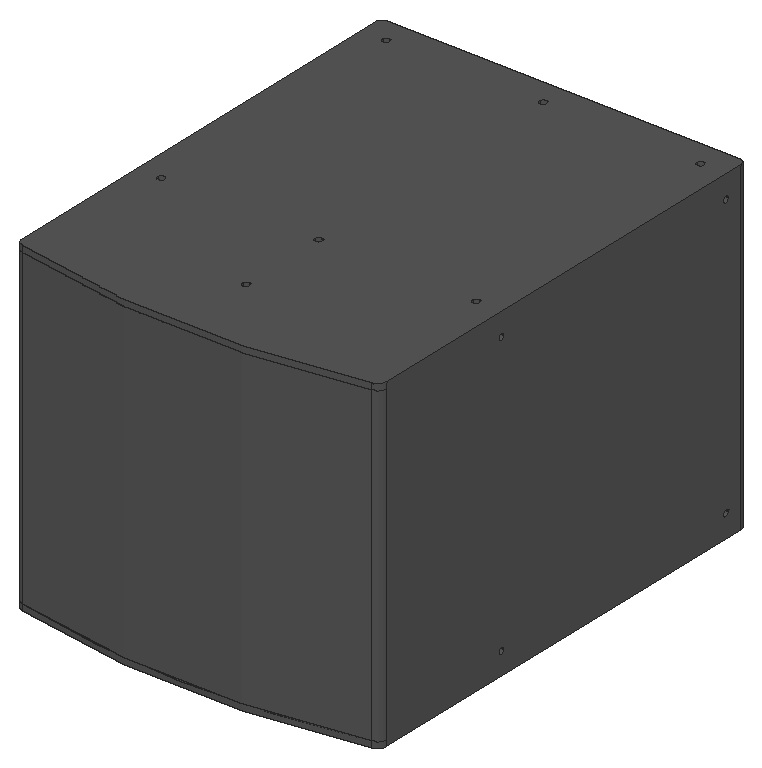
Revit family "1Electronics_Community_Biamp_Subwoofer_IS6-118", category Communication Devices, host Face, Revit 2020
Family settings
  Host = Face
  Maintain Annotation Orientation = No
  Round Connector Dimension = Use Diameter
  Part Type = Normal
  OmniClass Number = 23.85.10.11.14.14.14
  OmniClass Title = Loudspeakers
  Cut with Voids When Loaded = No
  Shared = No
  Room Calculation Point = No
Parameters (values of type "IS6-118 B")
  Width = 22.10156"  # constant formula
  Weight = 97.00 lbf  # constant formula
  URL = "https://www.biamp.com/"
  Transducers = "1 x 18 (457mm) double-treated cone with 4 (102mm) inner/outer wound voice coil, ferrite construction"  # constant formula
  Shipping Weight = 111.00 lbf  # constant formula
  Recommended Amplifiers = "Single Amp - 700W - 1400W @ 8 ohms,  (75V - 106V)"  # constant formula
  Product data url = "https://bimobject.com/biamp/product/is6-118_community-subwoofer"
  Product Page URL = "https://www.biamp.com/products/product-families/community/community-subwoofers#is6-118"
  Product Documentation Link = "https://downloads.biamp.com/assets/docs/default-source/data-sheets/biamp_data_sheet_community_is6-118.pdf"
  Operating Range = "32 Hz to 145 Hz  "  # constant formula
  Operating Mode = "Single Amp"  # constant formula
  Operating Environment = "Indoor"  # constant formula
  Nominal Sensitivity = "Half Space - 1W: 104 dB - 2.83V: 104 dB; Whole Space - 1W: 98 dB - 2.83V: 98 dB"  # constant formula
  Nominal Maximum SPL = "Half Space - Peak: 138 dB - Continuous: 132 dB; Whole Space - Peak: 132 dB - Continuous: 126 dB"  # constant formula
  Mounting Points = "(24) M10 threaded rigging points"  # constant formula
  Model = "IS6-118 B"
  Manufacturer = "Biamp"  # constant formula
  Input Connection = "Screw terminal blocks (4-position)"  # constant formula
  Housing Material = Biamp - Plastic - Black
  Height = 19.80078"  # constant formula
  Grill Material = Biamp - Plastic - Black(Grid)
  Equalized Sensitivity = "Half Space - 1W: 99 dB - 2.83V: 99 dB; Whole Space - 1W: 93 dB - 2.83V: 93 dB"  # constant formula
  Equalized Maximum SPL = "Half Space - Peak: 133 dB - Continuous: 127 dB; Whole Space - Peak: 127 dB - Continuous: 121 dB"  # constant formula
  Environmental = "Outdoor: IP55W per IEC 60529 , MIL-STD-810G"  # constant formula
  Description = "IS6-118 Medium Power Single 18-Inch Subwoofer"  # constant formula
  Depth = 28.89062"  # constant formula
  Default Elevation = 48.00"
  Continuous Power Handling  Nominal Impedance = "Single Amp - 75V, 700W @ 8 ohms (2800W peak)"  # constant formula
Types (3): name | Model | Housing Material | Grill Material
  (no name) | "IS6-118 B" | Biamp - Plastic - Black | Biamp - Plastic - Black(Grid)
  IS6-118 B | "IS6-118 B" | Biamp - Plastic - Black | Biamp - Plastic - Black(Grid)
  IS6-118 W | "IS6-118 W" | Biamp - Plastic - White | Biamp - Plastic - White(Grid)
Reference planes (in)
  plane 1 "Center (Front/Back)": y = 0
  plane 2: z = 0
  plane 3 "Center (Left/Right)": x = 0
  plane 4: y = 14.44531
  plane 5: y = -14.44531
  plane 6: x = -11.05078
  plane 7: x = 11.05078
  plane 8: z = 19.80078
  plane 9: z = 9.90039
Forms (in)
  Extrusion 1, solid, material "Biamp - Plastic - Black" <- "Housing Material", detail levels medium+fine
    sketch origin (0, 0, 0) x (1, 0, 0) y (0, 1, 0)
      loop
        arc (-10.67578, 14.44531) -> (-10.94095, 14.33548) -> (-11.05078, 14.07031) r 0.375
        line (-11.05078, 14.07031) -> (-11.05078, -12.72556)
        arc (-11.05078, -12.72556) -> (-10.91137, -13.08374) -> (-10.58284, -13.28323) r 0.59837
        arc (-10.58284, -13.28323) -> (0, -14.44531) -> (10.58284, -13.28323) r 48.76885
        arc (10.58284, -13.28323) -> (10.91137, -13.08374) -> (11.05078, -12.72556) r 0.59837
        line (11.05078, -12.72556) -> (11.05078, 14.07031)
        arc (11.05078, 14.07031) -> (10.94095, 14.33548) -> (10.67578, 14.44531) r 0.375
        line (10.67578, 14.44531) -> (-10.67578, 14.44531)
    from 0 to 19.80078
  Extrusion 2, void
    sketch origin (0, 0, 0) x (1, 0, 0) y (0, 1, 0)
      loop
        circle (-9.53078, 12.92531) r 0.21654
      loop
        circle (0, 12.92531) r 0.21654
      loop
        circle (9.53078, 12.92531) r 0.21654
      loop
        circle (-9.53078, -4.08469) r 0.21654
      loop
        circle (0, -4.08469) r 0.21654
      loop
        circle (9.53078, -4.08469) r 0.21654
      loop
        circle (0, -9.60469) r 0.21654
    from 19.42578 to 19.80078
  Extrusion 3, void
    sketch origin (0, 0, 0) x (0, 1, 0) y (0, 0, 1)
      loop
        circle (12.92531, 1.38) r 0.21654
      loop
        circle (12.92531, 18.42) r 0.21654
      loop
        circle (-4.08469, 1.38) r 0.21654
      loop
        circle (-4.08469, 18.42) r 0.21654
    from 10.67578 to 11.05078
  Extrusion 4, void
    sketch origin (0, 0, 0) x (1, 0, 0) y (0, 0, 1)
      loop
        circle (0, 18.42078) r 0.21654
      loop
        circle (0, 1.38) r 0.21654
      loop
        line (2.005, 13.43039) -> (-2.005, 13.43039)
        arc (-2.005, 13.43039) -> (-2.09339, 13.39378) -> (-2.13, 13.30539) r 0.125
        line (-2.13, 13.30539) -> (-2.13, 6.49539)
        arc (-2.13, 6.49539) -> (-2.09339, 6.407) -> (-2.005, 6.37039) r 0.125
        line (-2.005, 6.37039) -> (2.005, 6.37039)
        arc (2.005, 6.37039) -> (2.09339, 6.407) -> (2.13, 6.49539) r 0.125
        line (2.13, 6.49539) -> (2.13, 13.30539)
        arc (2.13, 13.30539) -> (2.09339, 13.39378) -> (2.005, 13.43039) r 0.125
    from -14.44531 to -14.07031
  Extrusion 5, solid, material "Biamp - Plastic - Black(Grid)" <- "Grill Material", detail levels medium+fine
    sketch origin (0, 0, 0) x (1, 0, 0) y (0, 1, 0)
      loop
        arc (-11.05078, -12.72556) -> (-10.91137, -13.08374) -> (-10.58284, -13.28323) r 0.59837
        arc (-10.58284, -13.28323) -> (0, -14.44531) -> (10.58284, -13.28323) r 48.76885
        arc (10.58284, -13.28323) -> (10.91137, -13.08374) -> (11.05078, -12.72556) r 0.59837
        line (11.05078, -12.72556) -> (-11.05078, -12.72556)
    from 0.375 to 19.42578
  Extrusion 6, solid, material "Biamp - Plastic - Black" <- "Housing Material", detail levels medium+fine
    sketch origin (0, 0, 0) x (1, 0, 0) y (0, 0, 1)
      loop
        line (-0.5, 12.43039) -> (-0.5, 12.18039) -> (0.5, 12.18039) -> (0.5, 12.43039) -> (-0.5, 12.43039)
      loop
        line (-0.5, 11.43039) -> (-0.5, 11.18039) -> (0.5, 11.18039) -> (0.5, 11.43039) -> (-0.5, 11.43039)
    from -14.25781 to -14.07031
  Extrusion 7, void
    sketch origin (0, 0, 0) x (0, 1, 0) y (0, 0, 1)
      loop
        line (-14.44531, 19.42578) -> (-14.44531, 0.375) -> (-12.72556, 0.375) -> (-12.72556, 19.42578) -> (-14.44531, 19.42578)
    from -11.05078 to 11.05078
  Extrusion 8, void
    sketch origin (0, 0, -19.42578) x (0, -1, 0) y (1, 0, 0)
      loop
        circle (-12.92531, -9.53078) r 0.21654
      loop
        circle (-12.92531, 0) r 0.21654
      loop
        circle (4.08469, -9.53078) r 0.21654
      loop
        circle (4.08469, 0) r 0.21654
      loop
        circle (9.60469, 0) r 0.21654
      loop
        circle (-12.92531, 9.53078) r 0.21654
      loop
        circle (4.08469, 9.53078) r 0.21654
    from 19.42578 to 19.80078
  Extrusion 9, void
    sketch origin (-1.15039, 0, 0) x (0, 1, 0) y (0, 0, -1)
      loop
        circle (12.92531, -1.38039) r 0.21654
      loop
        circle (12.92531, -18.42039) r 0.21654
      loop
        circle (-4.08469, -1.38039) r 0.21654
      loop
        circle (-4.08469, -18.42039) r 0.21654
    from 9.52539 to 9.90039
  Extrusion 10, solid, material "Biamp - Plastic - Black" <- "Housing Material", detail levels coarse
    sketch origin (0, 0, 0) x (1, 0, 0) y (0, 1, 0)
      loop
        arc (-11.05078, -12.72556) -> (-10.91137, -13.08374) -> (-10.58284, -13.28323) r 0.59837
        arc (-10.58284, -13.28323) -> (0, -14.44531) -> (10.58284, -13.28323) r 48.76885
        arc (10.58284, -13.28323) -> (10.91137, -13.08374) -> (11.05078, -12.72556) r 0.59837
        line (11.05078, -12.72556) -> (11.05078, 14.07031)
        arc (11.05078, 14.07031) -> (10.94095, 14.33548) -> (10.67578, 14.44531) r 0.375
        line (10.67578, 14.44531) -> (-10.67578, 14.44531)
        arc (-10.67578, 14.44531) -> (-10.94095, 14.33548) -> (-11.05078, 14.07031) r 0.375
        line (-11.05078, 14.07031) -> (-11.05078, -12.72556)
    from 0 to 19.80078
Cuts and joins
  Extrusion 2, Extrusion 3, Extrusion 4, Extrusion 7, Extrusion 8, Extrusion 9 cuts Extrusion 1
Lines and regions (in)
  Masking region 1
    outline origin (0, 0, 0) x (1, 0, 0) y (0, 0, 1)
      loop
        line (-11.05084, 19.80078) -> (-11.05084, 0) -> (11.05084, 0) -> (11.05084, 19.80078) -> (-11.05084, 19.80078)
  Masking region 2
    outline origin (0, 0, 0) x (0, 1, 0) y (0, 0, 1)
      loop
        line (-14.44531, 19.80078) -> (-14.44531, 0) -> (14.44531, 0) -> (14.44531, 19.80078) -> (-14.44531, 19.80078)
  Masking region 3
    outline origin (0, 0, 0) x (1, 0, 0) y (0, 1, 0)
      loop
        arc (-11.05078, -12.72556) -> (-10.91137, -13.08374) -> (-10.58284, -13.28323) r 0.59837
        arc (-10.58284, -13.28323) -> (0, -14.44531) -> (10.58284, -13.28323) r 48.76885
        arc (10.58284, -13.28323) -> (10.91137, -13.08374) -> (11.05078, -12.72556) r 0.59837
        line (11.05078, -12.72556) -> (11.05078, 14.07031)
        arc (11.05078, 14.07031) -> (10.94095, 14.33548) -> (10.67578, 14.44531) r 0.375
        line (10.67578, 14.44531) -> (-10.67578, 14.44531)
        arc (-10.67578, 14.44531) -> (-10.94095, 14.33548) -> (-11.05078, 14.07031) r 0.375
        line (-11.05078, 14.07031) -> (-11.05078, -12.72556)
  symbolic lines
    curve 1: arc (-9.31425, 12.92531, 0) -> (-9.53078, 12.70878, 0) -> (-9.74732, 12.92531, 0) r 0.21654
    curve 2: arc (-9.74732, 12.92531, 0) -> (-9.53078, 13.14185, 0) -> (-9.31425, 12.92531, 0) r 0.21654
    curve 3: arc (0.21654, 12.92531, 0) -> (0, 12.70878, 0) -> (-0.21654, 12.92531, 0) r 0.21654
    curve 4: arc (-0.21654, 12.92531, 0) -> (0, 13.14185, 0) -> (0.21654, 12.92531, 0) r 0.21654
    curve 5: line (-11.05084, 0, 19.80078) -> (11.05084, 0, 19.80078)
    curve 6: line (-11.05084, 0, 0) -> (-11.05084, 0, 19.80078)
    curve 7: line (11.05084, 0, 0) -> (-11.05084, 0, 0)
    curve 8: line (11.05084, 0, 19.80078) -> (11.05084, 0, 0)
    curve 9: line (-11.05084, 0, 19.42578) -> (11.05084, 0, 19.42578)
    curve 10: line (11.05084, 0, 0.375) -> (-11.05084, 0, 0.375)
    curve 11: line (0, -14.44531, 19.80078) -> (0, 14.44531, 19.80078)
    curve 12: line (0, -14.44531, 0) -> (0, -14.44531, 19.80078)
    curve 13: line (0, 14.44531, 0) -> (0, -14.44531, 0)
    curve 14: line (0, 14.44531, 19.80078) -> (0, 14.44531, 0)
    curve 15: line (0, -11.57031, 19.80078) -> (0, -11.57031, 0)
    curve 16: line (0, -11.57031, 0.375) -> (0, -14.44531, 0.375)
    curve 17: line (0, -14.44531, 19.42578) -> (0, -11.57031, 19.42578)
    curve 18: arc (9.31425, 12.92531, 0) -> (9.53078, 12.70878, 0) -> (9.74732, 12.92531, 0) r 0.21654
    curve 19: arc (9.74732, 12.92531, 0) -> (9.53078, 13.14185, 0) -> (9.31425, 12.92531, 0) r 0.21654
    curve 20: arc (-9.31425, -4.08469, 0) -> (-9.53078, -4.30122, 0) -> (-9.74732, -4.08469, 0) r 0.21654
    curve 21: arc (-9.74732, -4.08469, 0) -> (-9.53078, -3.86815, 0) -> (-9.31425, -4.08469, 0) r 0.21654
    curve 22: arc (0.21654, -4.08469, 0) -> (0, -4.30122, 0) -> (-0.21654, -4.08469, 0) r 0.21654
    curve 23: arc (-0.21654, -4.08469, 0) -> (0, -3.86815, 0) -> (0.21654, -4.08469, 0) r 0.21654
    curve 24: arc (9.31425, -4.08469, 0) -> (9.53078, -4.30122, 0) -> (9.74732, -4.08469, 0) r 0.21654
    curve 25: arc (9.74732, -4.08469, 0) -> (9.53078, -3.86815, 0) -> (9.31425, -4.08469, 0) r 0.21654
    curve 26: arc (0.21654, -9.60469, 0) -> (0, -9.82122, 0) -> (-0.21654, -9.60469, 0) r 0.21654
    curve 27: arc (-0.21654, -9.60469, 0) -> (0, -9.38815, 0) -> (0.21654, -9.60469, 0) r 0.21654
Dimensions and locks (in)
  equal spacing: plane 5, plane 1 "Center (Front/Back)", plane 4
  "Depth": plane 4 to plane 5
  equal spacing: plane 6, plane 3 "Center (Left/Right)", plane 7
  "Width": plane 6 to plane 7
  "Height": plane 8 to plane 2
  equal spacing: plane 8, plane 9, plane 2
  aligned and locked: plane 2 to host face
  aligned and locked: level to host face
  aligned and locked: plane 8 to Extrusion 1
  aligned and locked: plane 8 to Extrusion 2
  aligned and locked: plane 7 to Extrusion 3
  aligned and locked: Extrusion 4 to plane 4
  aligned and locked: plane 8 to Extrusion 10
  aligned and locked: Extrusion 10 to plane 2
Automatic sketch dimensions
  host sketch curve to host sketch curve = 96.00"  (x2)
  Extrusion 6 sketch curve to plane 3 "Center (Left/Right)" = 0.50"  (x2)
  plane 3 "Center (Left/Right)" to Extrusion 6 sketch curve = 0.50"  (x2)
  plane 9 to Extrusion 6 sketch curve = 1.28"
  Extrusion 6 sketch curve to Extrusion 6 sketch curve = 0.25"  (x2)
  Extrusion 6 sketch curve to Extrusion 6 sketch curve = 0.75"
  curve 26 to plane 3 "Center (Left/Right)" = 0.00"
  curve 4 to plane 3 "Center (Left/Right)" = 0.00"
  curve 23 to plane 3 "Center (Left/Right)" = 0.00"
  plane 6 to curve 2 = 1.52"
  plane 6 to curve 20 = 1.52"
  curve 18 to plane 7 = 1.52"
  curve 24 to plane 7 = 1.52"
  plane 4 to curve 2 = 1.52"
  plane 4 to curve 4 = 1.52"
  plane 4 to curve 19 = 1.52"
  plane 1 "Center (Front/Back)" to curve 24 = 4.08469"
  plane 1 "Center (Front/Back)" to curve 21 = 4.08469"
  plane 1 "Center (Front/Back)" to curve 22 = 4.08469"
  plane 5 to curve 26 = 4.84063"
  curve 20 to curve 20 = 0.21654"
  curve 1 to curve 1 = 0.21654"
  curve 26 to curve 26 = 0.21654"
  curve 4 to curve 3 = 0.21654"
  curve 23 to curve 22 = 0.21654"
  curve 19 to curve 18 = 0.21654"
  curve 25 to curve 24 = 0.21654"
  curve 17 to plane 5 = 0.00"
  curve 15 to plane 8 = 0.00"
  curve 15 to level = 0.00"
  curve 13 to plane 4 = 0.00"
  level to curve 16 = 0.375"
  curve 16 to curve 16 = 2.875"
  curve 17 to plane 8 = 0.375"
  curve 5 to plane 8 = 0.00"
  curve 6 to level = 0.00"
  curve 5 to plane 6 = 0.00006"
  plane 7 to curve 8 = 0.00006"
  level to curve 10 = 0.375"
  curve 9 to curve 5 = 0.375"
  Extrusion 2 sketch curve to plane 3 "Center (Left/Right)" = 0.00"  (x3)
  plane 6 to Extrusion 2 sketch curve = 1.52"  (x2)
  Extrusion 2 sketch curve to plane 7 = 1.52"  (x2)
  plane 5 to Extrusion 2 sketch curve = 4.84063"
  plane 1 "Center (Front/Back)" to Extrusion 2 sketch curve = 4.08469"  (x3)
  plane 4 to Extrusion 2 sketch curve = 1.52"  (x3)
  Extrusion 4 sketch curve to plane 3 "Center (Left/Right)" = 0.00"  (x2)
  Extrusion 4 sketch curve to plane 3 "Center (Left/Right)" = 2.005"  (x2)
  Extrusion 4 sketch curve to Extrusion 4 sketch curve = 0.125"  (x2)
  plane 3 "Center (Left/Right)" to Extrusion 4 sketch curve = 2.005"  (x2)
  level to Extrusion 4 sketch curve = 1.38"
  Extrusion 4 sketch curve to plane 9 = 3.53"
  plane 9 to Extrusion 4 sketch curve = 3.405"
  Extrusion 4 sketch curve to plane 8 = 1.38"
  Extrusion 7 sketch curve to plane 5 = 0.00"
  level to Extrusion 7 sketch curve = 0.375"
  Extrusion 7 sketch curve to Extrusion 7 sketch curve = 1.71975"
  Extrusion 7 sketch curve to plane 8 = 0.375"
  Extrusion 8 sketch curve to plane 3 "Center (Left/Right)" = 0.00"  (x3)
  plane 4 to Extrusion 8 sketch curve = 1.52"  (x3)
  Extrusion 8 sketch curve to plane 7 = 1.52"  (x2)
  plane 1 "Center (Front/Back)" to Extrusion 8 sketch curve = 4.08469"  (x3)
  plane 6 to Extrusion 8 sketch curve = 1.52"  (x2)
  plane 5 to Extrusion 8 sketch curve = 4.84063"
  level to Extrusion 9 sketch curve = 1.38039"  (x2)
  plane 1 "Center (Front/Back)" to Extrusion 9 sketch curve = 4.08469"  (x2)
  Extrusion 9 sketch curve to plane 8 = 1.38039"  (x2)
  plane 4 to Extrusion 9 sketch curve = 1.52"  (x2)
  Masking region 1 sketch curve to level = 0.00"
  Masking region 1 sketch curve to plane 8 = 0.00"
  Masking region 1 sketch curve to plane 6 = 0.00006"
  plane 7 to Masking region 1 sketch curve = 0.00006"
  Masking region 2 sketch curve to level = 0.00"
  Masking region 2 sketch curve to plane 5 = 0.00"
  Masking region 2 sketch curve to plane 4 = 0.00"
  Masking region 2 sketch curve to plane 8 = 0.00"
  level to Extrusion 3 sketch curve = 1.38"  (x2)
  plane 1 "Center (Front/Back)" to Extrusion 3 sketch curve = 4.08469"  (x2)
  Extrusion 3 sketch curve to plane 8 = 1.38078"  (x2)
  plane 4 to Extrusion 3 sketch curve = 1.52"  (x2)
  Extrusion 1 sketch curve to plane 6 = 0.00"
  plane 4 to Extrusion 1 sketch curve = 0.00"
  Extrusion 1 sketch curve to plane 3 "Center (Left/Right)" = 0.00"
  Extrusion 1 sketch curve to plane 7 = 0.00"
  Extrusion 1 sketch curve to Extrusion 1 sketch curve = 0.375"
  plane 6 to Extrusion 1 sketch curve = 0.59779"
  Extrusion 1 sketch curve to plane 7 = 0.59779"
  Extrusion 1 sketch curve to plane 7 = 0.375"
  plane 5 to Extrusion 1 sketch curve = 1.7462"  (x2)
  Extrusion 1 sketch curve to Extrusion 1 sketch curve = 0.02644"  (x2)
  Extrusion 1 sketch curve to plane 4 = 19.87823"
  Extrusion 1 sketch curve to Extrusion 1 sketch curve = 0.00"
  Masking region 3 sketch curve to plane 6 = 0.00"
  plane 4 to Masking region 3 sketch curve = 0.00"
  Masking region 3 sketch curve to plane 3 "Center (Left/Right)" = 0.00"
  Masking region 3 sketch curve to plane 7 = 0.00"
  plane 6 to Masking region 3 sketch curve = 0.375"
  plane 6 to Masking region 3 sketch curve = 0.59779"
  Masking region 3 sketch curve to plane 7 = 0.59779"
  Masking region 3 sketch curve to plane 7 = 0.375"
  plane 5 to Masking region 3 sketch curve = 1.7462"  (x2)
  Masking region 3 sketch curve to Masking region 3 sketch curve = 0.02644"  (x2)
  Masking region 3 sketch curve to plane 4 = 19.87823"
  Masking region 3 sketch curve to Masking region 3 sketch curve = 0.00"
  Extrusion 10 sketch curve to plane 6 = 0.00"
  plane 4 to Extrusion 10 sketch curve = 0.00"
  Extrusion 10 sketch curve to plane 3 "Center (Left/Right)" = 0.00"
  Extrusion 10 sketch curve to plane 7 = 0.00"
  plane 6 to Extrusion 10 sketch curve = 0.375"
  plane 6 to Extrusion 10 sketch curve = 0.59779"
  Extrusion 10 sketch curve to plane 7 = 0.59779"
  Extrusion 10 sketch curve to plane 7 = 0.375"
  plane 5 to Extrusion 10 sketch curve = 1.7462"  (x2)
  Extrusion 10 sketch curve to Extrusion 10 sketch curve = 0.02644"  (x2)
  Extrusion 10 sketch curve to plane 4 = 19.87823"
  Extrusion 10 sketch curve to Extrusion 10 sketch curve = 0.00"
  Extrusion 5 sketch curve to plane 6 = 0.00"
  Extrusion 5 sketch curve to plane 3 "Center (Left/Right)" = 0.00"
  Extrusion 5 sketch curve to plane 7 = 0.00"
  plane 6 to Extrusion 5 sketch curve = 0.59779"
  Extrusion 5 sketch curve to plane 7 = 0.59779"
  plane 5 to Extrusion 5 sketch curve = 1.7462"
  Extrusion 5 sketch curve to plane 4 = 19.87823"
  Extrusion 5 sketch curve to Extrusion 5 sketch curve = 0.12985"
  Extrusion 5 sketch curve to Extrusion 5 sketch curve = 0.00"  (x2)
  radius of Extrusion 2 sketch curve = 0.21654"  (x7)
  radius of Extrusion 4 sketch curve = 0.21654"  (x2)
  radius of Extrusion 8 sketch curve = 0.21654"  (x7)
  radius of Extrusion 9 sketch curve = 0.21654"  (x4)
  radius of Extrusion 3 sketch curve = 0.21654"  (x4)
Connectors (in)
  electrical at (0.25, 14.25781, 12.30539)
    settings: on Extrusion 6, index 1, voltage 0 V, apparent load 0 VA, apparent load phase1 0 VA, apparent load phase2 0 VA, apparent load phase3 0 VA, power factor 1, load classification "Other", number of poles 1, system type 5, power factor state 1, is connector primary yes, connector utility no, sub classification motor no, connector description "Screw terminal blocks; LF Input"
  electrical at (0.25, 14.25781, 11.30539)
    settings: on Extrusion 6, index 2, voltage 0 V, apparent load 0 VA, apparent load phase1 0 VA, apparent load phase2 0 VA, apparent load phase3 0 VA, power factor 1, load classification "Other", number of poles 1, system type 5, power factor state 1, is connector primary no, connector utility no, sub classification motor no, connector description "Screw terminal blocks; LOOP Input"
  electrical at (-0.25, 14.25781, 12.30539)
    settings: on Extrusion 6, index 3, voltage 0 V, apparent load 0 VA, apparent load phase1 0 VA, apparent load phase2 0 VA, apparent load phase3 0 VA, power factor 1, load classification "Other", number of poles 1, system type 5, power factor state 1, is connector primary no, connector utility no, sub classification motor no, connector description "Screw terminal blocks; LF thru"
  electrical at (-0.25, 14.25781, 11.30539)
    settings: on Extrusion 6, index 4, voltage 0 V, apparent load 0 VA, apparent load phase1 0 VA, apparent load phase2 0 VA, apparent load phase3 0 VA, power factor 1, load classification "Other", number of poles 1, system type 5, power factor state 1, is connector primary no, connector utility no, sub classification motor no, connector description "Screw terminal blocks; LOOP thru"
